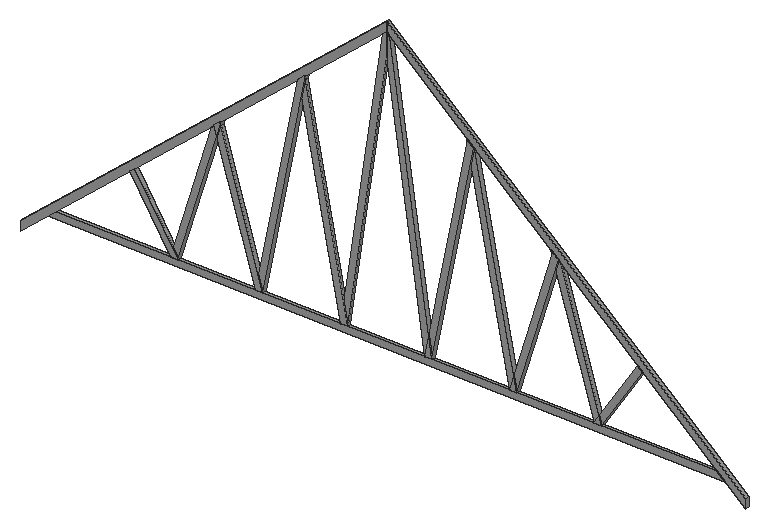
Revit family "TripleFinkTruss", category Structural Framing, Revit 2021
Family settings
  Section Shape = Not Defined
  Material for Model Behavior = Wood
  Always export as geometry = No
  OmniClass Number = 23.25.30.21.14
  OmniClass Title = Trussed Beams and Joists
  Work Plane-Based = No
  Always vertical = Yes
  Cut with Voids When Loaded = No
  Symbolic Representation = From Family
  Shared = No
  Show family pre-cut in plan views = Yes
Parameters
  WebWidth [instance] = 50 mm
  TopWidth [instance] = 50 mm
  WebDepth [instance] = 100 mm
  Structural Material [instance] = Poche
  SpanleftMini [instance] = SpanLeft / 12  # 416.667 mm
  SpanRightMini [instance] = SpanRight / 12  # 416.667 mm
  SpanRight [instance] = 5000 mm
  SpanLeft [instance] = 5000 mm
  Span [instance] = SpanLeft + SpanRight  # 10000 mm
  SlopeRight [instance] = 40.00°
  SlopeLeft [instance] = 40.00°
  OverhangRight [instance] = 400 mm
  OverhangLeft [instance] = 300 mm
  BottomWidth [instance] = 50 mm
  BottomDepth [instance] = 100 mm
  TopDepth [instance] = 100 mm
Reference planes
  plane 1 "Center (Front/Back)": y = 0
  plane 2: z = 0
  plane 3 "Center (Left/Right)": x = 0
  plane 4: x = 5000
  plane 5: x = 5300
  plane 6: x = -5000
  plane 7: x = -5400
  plane 8: z = 100
  plane 9: x = -1250
  plane 10: x = -2500
  plane 11: x = -3750
  plane 12: x = 1250
  plane 13: x = 2500
  plane 14: x = 3750
  plane 15: x = -625
  plane 16: x = -1875
  plane 17: x = -3125
  plane 18: x = 625
  plane 19: x = 1875
  plane 20: x = 3125
  plane 21: x = -4375
  plane 22: x = 4375
Forms (mm)
  Extrusion 1, solid, material "Cherry"
    sketch origin (0, 0, 0) x (1, 0, 0) y (0, 0, 1)
      loop
        line (-5000, 0) -> (5000, 0) -> (4880.825, 100) -> (-4880.825, 100) -> (-5000, 0)
    from -25 to 25
  Extrusion 2, solid, material "Cherry"
    sketch origin (0, 0, 0) x (1, 0, 0) y (0, 0, 1)
      loop
        line (-58.007, 4146.825) -> (-675.579, 100) -> (-574.421, 100) -> (0, 3864.065) -> (0, 4195.498) -> (-58.007, 4146.825)
    from -25 to 25
  Extrusion 3, solid, material "Cherry"
    sketch origin (0, 0, 0) x (1, 0, 0) y (0, 0, 1)
      loop
        line (0, 3864.065) -> (574.421, 100) -> (675.579, 100) -> (58.007, 4146.825) -> (0, 4195.498) -> (0, 3864.065)
    from -25 to 25
  Extrusion 4, solid, material "Cherry"
    sketch origin (0, 0, 0) x (1, 0, 0) y (0, 0, 1)
      loop
        line (573.959, 100) -> (676.041, 100) -> (1293.545, 3110.085) -> (1206.455, 3183.163) -> (573.959, 100)
    from -25 to 25
  Extrusion 5, solid, material "Cherry"
    sketch origin (0, 0, 0) x (1, 0, 0) y (0, 0, 1)
      loop
        line (3065.128, 100) -> (3184.872, 100) -> (3788.56, 1016.519) -> (3711.44, 1081.23) -> (3065.128, 100)
    from -25 to 25
  Extrusion 6, solid, material "Cherry"
    sketch origin (0, 0, 0) x (1, 0, 0) y (0, 0, 1)
      loop
        line (-3184.872, 100) -> (-3065.128, 100) -> (-3711.44, 1081.23) -> (-3788.56, 1016.519) -> (-3184.872, 100)
    from -25 to 25
  Extrusion 7, solid, material "Cherry"
    sketch origin (0, 0, 0) x (1, 0, 0) y (0, 0, 1)
      loop
        line (-1822.61, 100) -> (-2458.504, 2132.569) -> (-2541.496, 2062.929) -> (-1927.39, 100) -> (-1822.61, 100)
    from -25 to 25
  Extrusion 8, solid, material "Cherry"
    sketch origin (0, 0, 0) x (1, 0, 0) y (0, 0, 1)
      loop
        line (1927.39, 100) -> (2541.496, 2062.929) -> (2458.504, 2132.569) -> (1822.61, 100) -> (1927.39, 100)
    from -25 to 25
  Extrusion 9, solid, material "Cherry"
    sketch origin (0, 0, 0) x (1, 0, 0) y (0, 0, 1)
      loop
        line (2571.038, 2038.141) -> (2428.962, 2157.357) -> (3072.61, 100) -> (3177.39, 100) -> (2571.038, 2038.141)
    from -25 to 25
  Extrusion 10, solid, material "Cherry"
    sketch origin (0, 0, 0) x (1, 0, 0) y (0, 0, 1)
      loop
        line (-2428.962, 2157.357) -> (-2571.038, 2038.141) -> (-3177.39, 100) -> (-3072.61, 100) -> (-2428.962, 2157.357)
    from -25 to 25
  Extrusion 11, solid, material "Cherry"
    sketch origin (0, 0, 0) x (1, 0, 0) y (0, 0, 1)
      loop
        line (-1188.346, 3198.358) -> (-1311.654, 3094.89) -> (-1926.041, 100) -> (-1823.959, 100) -> (-1188.346, 3198.358)
    from -25 to 25
  Extrusion 12, solid, material "Cherry"
    sketch origin (0, 0, 0) x (1, 0, 0) y (0, 0, 1)
      loop
        line (1311.654, 3094.89) -> (1188.346, 3198.358) -> (1823.959, 100) -> (1926.041, 100) -> (1311.654, 3094.89)
    from -25 to 25
  Extrusion 13, solid, material "Cherry"
    sketch origin (0, 0, 0) x (1, 0, 0) y (0, 0, 1)
      loop
        line (5300, -251.73) -> (5300, -121.189) -> (0, 4326.039) -> (0, 4195.498) -> (5300, -251.73)
    from -25 to 25
  Extrusion 14, solid, material "Cherry"
    sketch origin (0, 0, 0) x (1, 0, 0) y (0, 0, 1)
      loop
        line (-5400, -335.64) -> (0, 4195.498) -> (0, 4326.039) -> (-5400, -205.099) -> (-5400, -335.64)
    from -25 to 25
  Extrusion 15, solid, material "Cherry"
    sketch origin (0, 0, 0) x (1, 0, 0) y (0, 0, 1)
      loop
        line (-573.959, 100) -> (-1206.455, 3183.163) -> (-1293.545, 3110.085) -> (-676.041, 100) -> (-573.959, 100)
    from -25 to 25
Lines and regions (mm)
  reference lines
    curve 1: line (5000, 0, 0) -> (0, 0, 4195.498)
    curve 2: line (5155.572, 0, 0) -> (120, 0, 4225.347)
    curve 3: line (-5000, 0, 0) -> (0, 0, 4195.498)
    curve 4: line (-5026.162, 0, 108.588) -> (-162.055, 0, 4190.058)
    curve 5: line (0, 25, 1595.888) -> (0, 25, -804.112)
    curve 6: line (0, -25, 1595.888) -> (0, -25, -804.112)
    curve 7: line (0, -25, 1595.888) -> (0, -25, -804.112)
    curve 8: line (0, -25, 1595.888) -> (0, -25, -804.112)
    curve 9: line (0, 25, 1595.888) -> (0, 25, -804.112)
    curve 10: line (0, 25, 1595.888) -> (0, 25, -804.112)
    curve 11: line (0, 0, 4195.498) -> (-625, 0, 100)
    curve 12: line (-625, 0, 100) -> (-1250, 0, 3146.624)
    curve 13: line (-1250, 0, 3146.624) -> (-1875, 0, 100)
    curve 14: line (-1875, 0, 100) -> (-2500, 0, 2097.749)
    curve 15: line (-2500, 0, 2097.749) -> (-3125, 0, 100)
    curve 16: line (-3125, 0, 100) -> (-3750, 0, 1048.875)
    curve 17: line (0, 0, 4195.498) -> (625, 0, 100)
    curve 18: line (625, 0, 100) -> (1250, 0, 3146.624)
    curve 19: line (1250, 0, 3146.624) -> (1875, 0, 100)
    curve 20: line (1875, 0, 100) -> (2500, 0, 2097.749)
    curve 21: line (2500, 0, 2097.749) -> (3125, 0, 100)
    curve 22: line (3125, 0, 100) -> (3750, 0, 1048.875)
    curve 23: line (3128.08, 0, 195.574) -> (3670.408, 0, 1018.935)
    curve 24: line (3120.253, 0, 1.896) -> (3829.592, 0, 1078.814)
    curve 25: line (2593.838, 0, 1965.265) -> (3142.021, 0, 213.054)
    curve 26: line (2406.162, 0, 2230.233) -> (3122.147, 0, -58.339)
    curve 27: line (1857.979, 0, 213.054) -> (2406.162, 0, 1965.265)
    curve 28: line (1877.853, 0, -58.339) -> (2593.838, 0, 2230.233)
    curve 29: line (1347.173, 0, 2921.752) -> (1923.116, 0, 114.259)
    curve 30: line (1152.827, 0, 3371.495) -> (1826.884, 0, 85.741)
    curve 31: line (576.884, 0, 114.259) -> (1152.827, 0, 2921.752)
    curve 32: line (673.116, 0, 85.741) -> (1347.173, 0, 3371.495)
    curve 33: line (98.396, 0, 3882.162) -> (672.857, 0, 117.838)
    curve 34: line (-98.396, 0, 4508.835) -> (577.143, 0, 82.162)
    curve 35: line (-98.396, 0, 3882.162) -> (-672.857, 0, 117.838)
    curve 36: line (98.396, 0, 4508.835) -> (-577.143, 0, 82.162)
    curve 37: line (-576.884, 0, 114.259) -> (-1152.827, 0, 2921.752)
    curve 38: line (-673.116, 0, 85.741) -> (-1347.173, 0, 3371.495)
    curve 39: line (-1347.173, 0, 2921.752) -> (-1923.116, 0, 114.259)
    curve 40: line (-1152.827, 0, 3371.495) -> (-1826.884, 0, 85.741)
    curve 41: line (-1857.979, 0, 213.054) -> (-2406.162, 0, 1965.265)
    curve 42: line (-1877.853, 0, -58.339) -> (-2593.838, 0, 2230.233)
    curve 43: line (-2593.838, 0, 1965.265) -> (-3142.021, 0, 213.054)
    curve 44: line (-2406.162, 0, 2230.233) -> (-3122.147, 0, -58.339)
    curve 45: line (-3128.08, 0, 195.574) -> (-3670.408, 0, 1018.935)
    curve 46: line (-3120.253, 0, 1.896) -> (-3829.592, 0, 1078.814)
Dimensions and locks
  "OverhangLeft": plane 4 to plane 5
  "OverhangRight": plane 6 to plane 7
  "SpanRight": plane 3 "Center (Left/Right)" to plane 6
  "SpanLeft": plane 3 "Center (Left/Right)" to plane 4
  "BottomDepth": level to plane 8
  "TopDepth": curve 1 to curve 2
  "TopDepth": curve 4 to curve 3
  equal spacing: curve 5, plane 1 "Center (Front/Back)", curve 6
  "TopWidth": curve 5 to curve 6
  equal spacing: curve 9, plane 1 "Center (Front/Back)", curve 7
  equal spacing: curve 10, plane 1 "Center (Front/Back)", curve 8
  "WebWidth": curve 9 to curve 7
  "BottomWidth": curve 10 to curve 8
  plane 4 to plane 3 "Center (Left/Right)" = 5000 mm
  plane 3 "Center (Left/Right)" to plane 6 = 5000 mm
  equal spacing: plane 3 "Center (Left/Right)", plane 18, plane 12, plane 19, plane 13, plane 20, plane 14, plane 22, plane 4
  equal spacing: plane 3 "Center (Left/Right)", plane 15, plane 9, plane 16, plane 10, plane 17, plane 11, plane 21, plane 6
  equal spacing: curve 23, curve 22, curve 24
  equal spacing: curve 25, curve 21, curve 26
  equal spacing: curve 27, curve 20, curve 28
  equal spacing: curve 29, curve 19, curve 30
  equal spacing: curve 31, curve 18, curve 32
  equal spacing: curve 33, curve 17, curve 34
  equal spacing: curve 36, curve 11, curve 35
  equal spacing: curve 38, curve 12, curve 37
  equal spacing: curve 40, curve 13, curve 39
  equal spacing: curve 42, curve 14, curve 41
  equal spacing: curve 44, curve 15, curve 43
  equal spacing: curve 46, curve 16, curve 45
  "WebDepth": curve 23 to curve 24
  "WebDepth": curve 25 to curve 26
  "WebDepth": curve 27 to curve 28
  "WebDepth": curve 29 to curve 30
  "WebDepth": curve 31 to curve 32
  "WebDepth": curve 33 to curve 34
  "WebDepth": curve 36 to curve 35
  "WebDepth": curve 38 to curve 37
  "WebDepth": curve 40 to curve 39
  "WebDepth": curve 42 to curve 41
  "WebDepth": curve 44 to curve 43
  "WebDepth": curve 46 to curve 45
  "SlopeLeft": angle level to curve 1
  "SlopeRight": angle curve 3 to level
  aligned and locked: plane 2 to level
  aligned and locked: level to curve 1
  aligned and locked: plane 3 "Center (Left/Right)" to curve 1
  aligned and locked: plane 4 to curve 1
  aligned and locked: plane 6 to curve 3
  aligned and locked: level to Extrusion 1 sketch curve
  aligned and locked: plane 8 to Extrusion 1 sketch curve
  aligned and locked: Extrusion 1 sketch curve to curve 3
  aligned and locked: Extrusion 1 sketch curve to curve 1
  aligned and locked: curve 10 to Extrusion 1
  aligned and locked: Extrusion 1 to curve 8
  aligned and locked: Extrusion 2 sketch curve to curve 35
  aligned and locked: curve 36 to Extrusion 2 sketch curve
  aligned and locked: curve 3 to Extrusion 2 sketch curve
  aligned and locked: plane 3 "Center (Left/Right)" to Extrusion 2 sketch curve
  aligned and locked: Extrusion 1 to Extrusion 2 sketch curve
  aligned and locked: curve 34 to Extrusion 3 sketch curve
  aligned and locked: Extrusion 3 sketch curve to curve 33
  aligned and locked: plane 3 "Center (Left/Right)" to Extrusion 3 sketch curve
  aligned and locked: Extrusion 1 to Extrusion 3 sketch curve
  aligned and locked: curve 1 to Extrusion 3 sketch curve
  aligned and locked: Extrusion 4 sketch curve to curve 31
  aligned and locked: curve 32 to Extrusion 4 sketch curve
  aligned and locked: curve 1 to Extrusion 4 sketch curve
  aligned and locked: Extrusion 1 to Extrusion 4 sketch curve
  aligned and locked: Extrusion 5 sketch curve to curve 23
  aligned and locked: curve 24 to Extrusion 5 sketch curve
  aligned and locked: curve 1 to Extrusion 5 sketch curve
  aligned and locked: Extrusion 1 to Extrusion 5 sketch curve
  aligned and locked: curve 46 to Extrusion 6 sketch curve
  aligned and locked: Extrusion 6 sketch curve to curve 45
  aligned and locked: curve 3 to Extrusion 6 sketch curve
  aligned and locked: Extrusion 1 to Extrusion 6 sketch curve
  aligned and locked: Extrusion 7 sketch curve to curve 41
  aligned and locked: curve 42 to Extrusion 7 sketch curve
  aligned and locked: curve 3 to Extrusion 7 sketch curve
  aligned and locked: Extrusion 1 to Extrusion 7 sketch curve
  aligned and locked: curve 28 to Extrusion 8 sketch curve
  aligned and locked: Extrusion 8 sketch curve to curve 27
  aligned and locked: curve 1 to Extrusion 8 sketch curve
  aligned and locked: Extrusion 1 to Extrusion 8 sketch curve
  aligned and locked: Extrusion 7 to curve 9
  aligned and locked: Extrusion 7 to curve 7
  aligned and locked: curve 9 to Extrusion 6
  aligned and locked: Extrusion 6 to curve 7
  aligned and locked: Extrusion 3 to Extrusion 2  (x2)
  aligned and locked: Extrusion 2 to Extrusion 4
  aligned and locked: Extrusion 4 to Extrusion 2
  aligned and locked: Extrusion 2 to Extrusion 8
  aligned and locked: Extrusion 8 to Extrusion 2
  aligned and locked: curve 9 to Extrusion 5
  aligned and locked: Extrusion 5 to curve 7
  aligned and locked: Extrusion 9 sketch curve to curve 25
  aligned and locked: curve 26 to Extrusion 9 sketch curve
  aligned and locked: curve 1 to Extrusion 9 sketch curve
  aligned and locked: Extrusion 1 to Extrusion 9 sketch curve
  aligned and locked: curve 44 to Extrusion 10 sketch curve
  aligned and locked: Extrusion 10 sketch curve to curve 43
  aligned and locked: curve 3 to Extrusion 10 sketch curve
  aligned and locked: Extrusion 1 to Extrusion 10 sketch curve
  aligned and locked: curve 40 to Extrusion 11 sketch curve
  aligned and locked: Extrusion 11 sketch curve to curve 39
  aligned and locked: curve 3 to Extrusion 11 sketch curve
  aligned and locked: Extrusion 1 to Extrusion 11 sketch curve
  aligned and locked: Extrusion 12 sketch curve to curve 29
  aligned and locked: curve 30 to Extrusion 12 sketch curve
  aligned and locked: Extrusion 1 to Extrusion 12 sketch curve
  aligned and locked: curve 1 to Extrusion 12 sketch curve
  aligned and locked: Extrusion 2 to Extrusion 10
  aligned and locked: Extrusion 10 to Extrusion 2
  aligned and locked: Extrusion 2 to Extrusion 11
  aligned and locked: Extrusion 11 to Extrusion 2
  aligned and locked: Extrusion 2 to Extrusion 12
  aligned and locked: Extrusion 12 to Extrusion 2
  aligned and locked: Extrusion 2 to Extrusion 9
  aligned and locked: Extrusion 9 to Extrusion 2
  aligned and locked: Extrusion 13 sketch curve to curve 1
  aligned and locked: Extrusion 13 sketch curve to curve 2
  aligned and locked: Extrusion 13 sketch curve to plane 3 "Center (Left/Right)"
  aligned and locked: Extrusion 13 sketch curve to plane 5
  aligned and locked: Extrusion 14 sketch curve to curve 3
  aligned and locked: Extrusion 14 sketch curve to curve 4
  aligned and locked: Extrusion 14 sketch curve to plane 3 "Center (Left/Right)"
  aligned and locked: plane 7 to Extrusion 14 sketch curve
  aligned and locked: Extrusion 14 to curve 5
  aligned and locked: Extrusion 14 to curve 6
  aligned and locked: Extrusion 13 to curve 5
  aligned and locked: Extrusion 13 to curve 6
  aligned and locked: Extrusion 15 sketch curve to curve 37
  aligned and locked: curve 38 to Extrusion 15 sketch curve
  aligned and locked: Extrusion 14 to Extrusion 15 sketch curve
  aligned and locked: Extrusion 1 to Extrusion 15 sketch curve
  aligned and locked: Extrusion 15 to curve 9
  aligned and locked: Extrusion 15 to curve 7
  aligned and locked: Extrusion 10 to curve 9
  aligned and locked: Extrusion 10 to curve 7
Automatic sketch dimensions
  level to curve 10 = 804.112 mm
  curve 5 to curve 10 = 0 mm
  curve 8 to curve 5 = 0 mm
  curve 8 to curve 6 = 0 mm  (x2)
  curve 8 to curve 7 = 0 mm  (x2)
  curve 9 to curve 10 = 0 mm  (x2)
  curve 6 to plane 8 = 1495.888 mm
  curve 6 to curve 9 = 0 mm
  curve 5 to curve 9 = 0 mm
  plane 11 to curve 16 = 0 mm
  curve 15 to plane 8 = 0 mm
  plane 17 to curve 15 = 0 mm
  plane 10 to curve 14 = 0 mm
  curve 14 to plane 8 = 0 mm
  plane 16 to curve 14 = 0 mm
  plane 9 to curve 13 = 0 mm
  curve 11 to plane 8 = 0 mm
  plane 15 to curve 11 = 0 mm
  curve 18 to plane 8 = 0 mm
  curve 18 to plane 18 = 0 mm
  curve 19 to plane 12 = 0 mm
  curve 20 to plane 8 = 0 mm
  curve 20 to plane 19 = 0 mm
  curve 21 to plane 13 = 0 mm
  curve 22 to plane 8 = 0 mm
  curve 22 to plane 20 = 0 mm
  curve 22 to plane 14 = 0 mm
  curve 2 to level = 0 mm
  curve 4 to plane 8 = 8.588 mm
  plane 11 to curve 46 = 79.592 mm
  curve 45 to plane 11 = 79.592 mm
  plane 17 to curve 43 = 17.021 mm
  plane 17 to curve 45 = 3.08 mm
  curve 44 to plane 17 = 2.853 mm
  curve 46 to level = 1.896 mm
  plane 10 to curve 43 = 93.838 mm
  plane 10 to curve 42 = 93.838 mm
  curve 41 to plane 10 = 93.838 mm
  curve 44 to plane 10 = 93.838 mm
  curve 39 to plane 8 = 14.259 mm
  plane 16 to curve 42 = 2.853 mm
  curve 41 to plane 16 = 17.021 mm
  plane 8 to curve 40 = 14.259 mm
  plane 9 to curve 39 = 97.173 mm
  plane 9 to curve 38 = 97.173 mm
  curve 37 to plane 9 = 97.173 mm
  curve 40 to plane 9 = 97.173 mm
  plane 8 to curve 38 = 14.259 mm
  curve 35 to plane 8 = 17.838 mm
  plane 8 to curve 36 = 17.838 mm
  curve 37 to plane 8 = 14.259 mm
  curve 4 to plane 3 "Center (Left/Right)" = 162.055 mm
  curve 34 to plane 3 "Center (Left/Right)" = 98.396 mm
  curve 35 to plane 3 "Center (Left/Right)" = 98.396 mm
  plane 3 "Center (Left/Right)" to curve 33 = 98.396 mm
  plane 3 "Center (Left/Right)" to curve 36 = 98.396 mm
  plane 3 "Center (Left/Right)" to curve 2 = 120 mm
  curve 31 to plane 8 = 14.259 mm
  plane 8 to curve 34 = 17.838 mm
  curve 33 to plane 8 = 17.838 mm
  plane 8 to curve 32 = 14.259 mm
  curve 31 to plane 12 = 97.173 mm
  curve 30 to plane 12 = 97.173 mm
  plane 12 to curve 29 = 97.173 mm
  plane 12 to curve 32 = 97.173 mm
  plane 8 to curve 30 = 14.259 mm
  curve 27 to plane 19 = 17.021 mm
  plane 19 to curve 28 = 2.853 mm
  curve 29 to plane 8 = 14.259 mm
  curve 26 to plane 13 = 93.838 mm
  curve 27 to plane 13 = 93.838 mm
  plane 13 to curve 28 = 93.838 mm
  plane 13 to curve 25 = 93.838 mm
  curve 24 to level = 1.896 mm
  curve 26 to plane 20 = 2.853 mm
  plane 20 to curve 23 = 3.08 mm
  plane 20 to curve 25 = 17.021 mm
  curve 23 to plane 14 = 79.592 mm
  plane 14 to curve 24 = 79.592 mm
